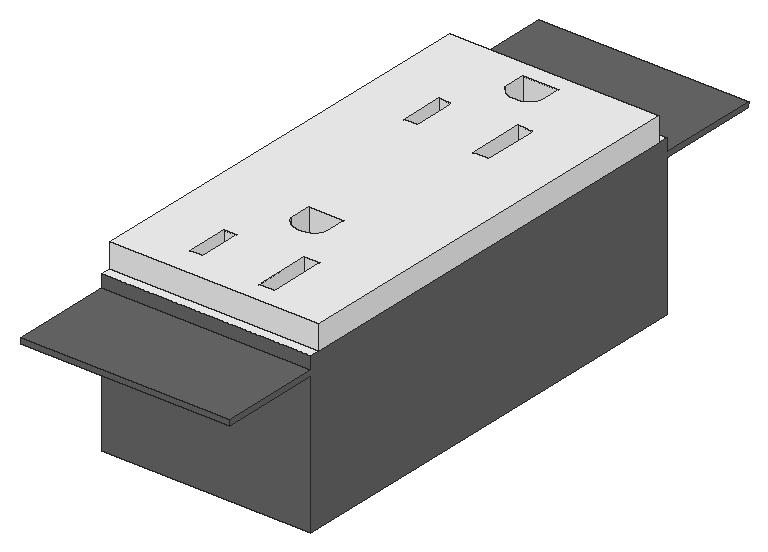
Revit family "Receptacle_Straight-Blade_Leviton_Decora-Duplex", category Electrical Fixtures, Revit 2026
Family settings
  Round Connector Dimension = Use Diameter
  Part Type = Normal
  Work Plane-Based = Yes
  Always vertical = No
  Cut with Voids When Loaded = No
  Maintain Annotation Orientation = No
  Shared = No
  Room Calculation Point = No
Parameters
  Warranty Duration (Years) = 0
  Voltage_MEP = 0 V
  Unit Width = 0' - 1 79/256"
  Unit Height = 0' - 4 15/256"
  Unit Depth = 0' - 0 225/256"
  URL = "http://www.leviton.com/OA_HTML/Home.jsp?minisite=10251&respid=22372"
  Termination = "as Specified"
  Standards Conformance = "as Specified"
  Specification = ""
  SpecWizard = ""
  Send Message = "http://www.arcat.com/users.pl?action=UserEmail&company=Leviton+Mfg.+Co.,+Inc.&coid=41690&rep=117&fax=631-812-6252&mf="
  Screw Mounts Location = 0' - 3 9/32"
  Sales Information = "http://www.leviton.com/OA_HTML/SectionDisplay.jsp?section=37579&minisite=10251"
  Revision = "R1_10-2012"
  Projection From Host = 0' - 0 67/256"
  Product Properties = ""
  Product Data = "http://arcat.com/arcatcos/cos41/arc41690.html?isac=1&r=1"
  Number of Poles = 1
  NEMA6-20Rvoidtop = if(NEMA 6_20R 1, 0' 0 1/2", 0' 0 1/16")  # 0' - 0 1/16"
  NEMA6-20Rvoidbot = if(NEMA 6_20R 2, 0' 0 1/2", 0' 0 1/16")  # 0' - 0 1/16"
  NEMA6-15Rvoidtop = if(NEMA 6_15R 1, 0' 0 1/2", 0' 0 1/16")  # 0' - 0 1/16"
  NEMA6-15Rvoidbot = if(NEMA 6_15R 2, 0' 0 1/2", 0' 0 1/16")  # 0' - 0 1/16"
  NEMA5-20Rvoidtop = if(NEMA 5_20R 1, 0' 0 1/2", 0' 0 1/16")  # 0' - 0 1/16"
  NEMA5-20Rvoidbot = if(NEMA 5_20R 2, 0' 0 1/2", 0' 0 1/16")  # 0' - 0 1/16"
  NEMA5-15Rvoidtop = if(NEMA 5_15R 1, 0' 0 1/2", 0' 0 1/16")  # 0' - 0 1/2"
  NEMA5-15Rvoidbot = if(NEMA 5_15R 2, 0' 0 1/2", 0' 0 1/16")  # 0' - 0 1/2"
  NEMA 6_20R 1 = no
  NEMA 6_20R 2 = no
  NEMA 6_15R 1 = no
  NEMA 6_15R 2 = no
  NEMA 5_20R 1 = no
  NEMA 5_20R 2 = no
  NEMA 5_15R 1 = yes
  NEMA 5_15R 2 = yes
  Model = "As Specified"
  Maximum Amperage = 0
  Manufacturer Website = "http://www.leviton.com/OA_HTML/Home.jsp?minisite=10251&respid=22372"
  Manufacturer Phone - Toll Free = "800-323-8920"
  Manufacturer Phone = ""
  Manufacturer Fax = "631-812-6252"
  Manufacturer Address = "201 N. Service Rd. Melville, NY 11747"
  Manufacturer = "Leviton Mfg. Co., Inc."
  Maintenance Schedule (Months) = 0
  MEP Apparent Power = 0 VA
  MEP Amperage = 0 A
  Backing Color = Thermoplastic - Leviton - Black
  Keynote = "16140"
  Installation-Fabrication = ""
  Installation Phase = "Electrical Wiring"
  HP Rating = "as Specified"
  Grounding = "as Specified"
  Green Building-LEED = ""
  Fixture Material = Thermoplastic - Leviton - White
  Fixture Grade = "as Specified"
  Fixture Application = "as Specified"
  Expected Lifespan (Years) = 0
  Drawn By = "Sumex Design, Inc. / Robert S. Weygant, CSI, CDT, SCIP"
  Description = "Leviton Product as Specified"
  Default Elevation = 4' - 0"
  Copyright = "©Arcat Inc."
  Construction Details = ""
  Fixture Height = 0' - 2 25/32"
  Assembly Code = "D5020100"
  Acceptable Loads = "as Specified"
Reference planes (in)
  plane 1 "Center (Front/Back)": y = 0
  plane 2 "Bottom": z = 0
  plane 3 "Center (Left/Right)": x = 0
  plane 4 "Front": y = -2.0293
  plane 5 "Back": y = 2.0293
  plane 6 "Left": x = -0.6543
  plane 7 "Right": x = 0.6543
  plane 8 "Top": z = 0.26172
  plane 9: z = -0.87891
  plane 10: z = 0.11172
  plane 11: y = 1.39062
  plane 12: y = -1.39063
  plane 13: z = -0.1875
  plane 14: z = 0.5
  plane 15: z = 0
  plane 16: z = 0.4375
  plane 17: z = 0.4375
  plane 18: z = 0.4375
  plane 19: z = 0.4375
  plane 20: z = 0
  plane 21: z = 0.4375
  plane 22: z = 0.4375
Forms (in)
  Extrusion 1, solid, material "Thermoplastic - Leviton - White" <- "Fixture Material"
    sketch origin (0, 0, 0) x (1, 0, 0) y (0, 1, 0)
      loop
        line (0.6543, 1.32812) -> (-0.6543, 1.32812) -> (-0.6543, -1.32813) -> (0.6543, -1.32813) -> (0.6543, 1.32812)
    from 0.11172 to 0.26172
  Extrusion 2, void
    sketch origin (0, 0, 0) x (1, 0, 0) y (0, 1, 0)
      loop
        line (0.17598, 0.82673) -> (0.17598, 0.47411) -> (0.27673, 0.47411) -> (0.27673, 0.82673) -> (0.17598, 0.82673)
      loop
        line (-0.29582, 0.79468) -> (-0.29582, 0.52489) -> (-0.21242, 0.52489) -> (-0.21242, 0.79468) -> (-0.29582, 0.79468)
      loop
        line (-0.11361, 1.22771) -> (-0.11361, 1.0878)
        arc (-0.11361, 1.0878) -> (-0.00298, 1.01582) -> (0.10765, 1.0878) r 0.12101
        line (0.10765, 1.0878) -> (0.10765, 1.22771) -> (-0.11361, 1.22771)
    from 0 to 0.5
  Extrusion 3, void
    sketch origin (0, 0, 0) x (1, 0, 0) y (0, 1, 0)
      loop
        line (-0.29582, 0.79468) -> (-0.29582, 0.52489) -> (-0.21242, 0.52489) -> (-0.21242, 0.79468) -> (-0.29582, 0.79468)
      loop
        line (-0.11361, 1.22771) -> (-0.11361, 1.0878)
        arc (-0.11361, 1.0878) -> (-0.00298, 1.01582) -> (0.10765, 1.0878) r 0.12101
        line (0.10765, 1.0878) -> (0.10765, 1.22771) -> (-0.11361, 1.22771)
      loop
        line (0.17598, 0.82673) -> (0.17598, 0.47411) -> (0.27673, 0.47411) -> (0.27673, 0.62135) -> (0.4666, 0.62135) -> (0.4666, 0.68335) -> (0.27673, 0.68335) -> (0.27673, 0.82673) -> (0.17598, 0.82673)
    from 0.4375 to 0.5
  Extrusion 4, void
    sketch origin (0, 0, 0) x (1, 0, 0) y (0, 1, 0)
      loop
        line (-0.11361, 1.22771) -> (-0.11361, 1.0878)
        arc (-0.11361, 1.0878) -> (-0.00298, 1.01582) -> (0.10765, 1.0878) r 0.12101
        line (0.10765, 1.0878) -> (0.10765, 1.22771) -> (-0.11361, 1.22771)
      loop
        line (0.4041, 0.68335) -> (0.24548, 0.68335) -> (0.24548, 0.80329) -> (0.17598, 0.80329) -> (0.17598, 0.49755) -> (0.24548, 0.49755) -> (0.24548, 0.62135) -> (0.4041, 0.62135) -> (0.4041, 0.68335)
      loop
        line (-0.38902, 0.61809) -> (-0.11922, 0.61809) -> (-0.11922, 0.70149) -> (-0.38902, 0.70149) -> (-0.38902, 0.61809)
    from 0.4375 to 0.5
  Extrusion 5, void
    sketch origin (0, 0.85727, 0) x (1, 0, 0) y (0, 1, 0)
      loop
        line (-0.11361, 0.37044) -> (-0.11361, 0.23052)
        arc (-0.11361, 0.23052) -> (-0.00298, 0.15855) -> (0.10765, 0.23052) r 0.12101
        line (0.10765, 0.23052) -> (0.10765, 0.37044) -> (-0.11361, 0.37044)
      loop
        line (-0.13485, -0.15579) -> (-0.40464, -0.15579) -> (-0.40464, -0.23918) -> (-0.13485, -0.23918) -> (-0.13485, -0.15579)
      loop
        line (0.13485, -0.15579) -> (0.13485, -0.23918) -> (0.40464, -0.23918) -> (0.40464, -0.15579) -> (0.13485, -0.15579)
    from 0.4375 to 0.5
  Extrusion 6, void
    sketch origin (0, 0, 0) x (1, 0, 0) y (0, 1, 0)
      loop
        line (-0.29582, -0.88445) -> (-0.29582, -1.15424) -> (-0.21242, -1.15424) -> (-0.21242, -0.88445) -> (-0.29582, -0.88445)
      loop
        line (-0.11361, -0.45142) -> (-0.11361, -0.59133)
        arc (-0.11361, -0.59133) -> (-0.00298, -0.66331) -> (0.10765, -0.59133) r 0.12101
        line (0.10765, -0.59133) -> (0.10765, -0.45142) -> (-0.11361, -0.45142)
      loop
        line (0.17598, -0.8524) -> (0.17598, -1.20502) -> (0.27673, -1.20502) -> (0.27673, -1.05777) -> (0.4666, -1.05777) -> (0.4666, -0.99578) -> (0.27673, -0.99578) -> (0.27673, -0.8524) -> (0.17598, -0.8524)
    from 0.4375 to 0.5
  Extrusion 7, void
    sketch origin (0, 0, 0) x (1, 0, 0) y (0, 1, 0)
      loop
        line (0.17598, -0.8524) -> (0.17598, -1.20502) -> (0.27673, -1.20502) -> (0.27673, -0.8524) -> (0.17598, -0.8524)
      loop
        line (-0.29582, -0.88445) -> (-0.29582, -1.15424) -> (-0.21242, -1.15424) -> (-0.21242, -0.88445) -> (-0.29582, -0.88445)
      loop
        line (-0.11361, -0.45142) -> (-0.11361, -0.59133)
        arc (-0.11361, -0.59133) -> (-0.00298, -0.66331) -> (0.10765, -0.59133) r 0.12101
        line (0.10765, -0.59133) -> (0.10765, -0.45142) -> (-0.11361, -0.45142)
    from 0 to 0.5
  Extrusion 8, void
    sketch origin (0, 0.85727, 0) x (1, 0, 0) y (0, 1, 0)
      loop
        line (-0.11361, -1.30869) -> (-0.11361, -1.4486)
        arc (-0.11361, -1.4486) -> (-0.00298, -1.52058) -> (0.10765, -1.4486) r 0.12101
        line (0.10765, -1.4486) -> (0.10765, -1.30869) -> (-0.11361, -1.30869)
      loop
        line (-0.13485, -1.83491) -> (-0.40464, -1.83491) -> (-0.40464, -1.91831) -> (-0.13485, -1.91831) -> (-0.13485, -1.83491)
      loop
        line (0.13485, -1.83491) -> (0.13485, -1.91831) -> (0.40464, -1.91831) -> (0.40464, -1.83491) -> (0.13485, -1.83491)
    from 0.4375 to 0.5
  Extrusion 9, void
    sketch origin (0, 0, 0) x (1, 0, 0) y (0, 1, 0)
      loop
        line (-0.11361, -0.45142) -> (-0.11361, -0.59133)
        arc (-0.11361, -0.59133) -> (-0.00298, -0.66331) -> (0.10765, -0.59133) r 0.12101
        line (0.10765, -0.59133) -> (0.10765, -0.45142) -> (-0.11361, -0.45142)
      loop
        line (0.4041, -0.99578) -> (0.24548, -0.99578) -> (0.24548, -0.87584) -> (0.17598, -0.87584) -> (0.17598, -1.18158) -> (0.24548, -1.18158) -> (0.24548, -1.05777) -> (0.4041, -1.05777) -> (0.4041, -0.99578)
      loop
        line (-0.38902, -1.06104) -> (-0.11922, -1.06104) -> (-0.11922, -0.97764) -> (-0.38902, -0.97764) -> (-0.38902, -1.06104)
    from 0.4375 to 0.5
  Extrusion 10, solid, material "Thermoplastic - Leviton - Black" <- "Backing Color"
    sketch origin (0, 0, 0) x (0, 1, 0) y (0, 0, 1)
      loop
        line (1.39062, 0.11172) -> (-1.39063, 0.11172) -> (-1.39063, 0.03125) -> (-2.0293, 0.03125) -> (-2.0293, 0) -> (-1.39063, 0) -> (-1.39063, -0.87891) -> (1.39062, -0.87891) -> (1.39062, 0) -> (2.0293, 0) -> (2.0293, 0.03125) -> (1.39062, 0.03125) -> (1.39062, 0.11172)
    from -0.6543 to 0.6543
Cuts and joins
  Extrusion 2, Extrusion 3, Extrusion 4, Extrusion 5, Extrusion 6, Extrusion 7, Extrusion 8, Extrusion 9 cuts Extrusion 1
Dimensions and locks (in)
  equal spacing: plane 6 "Left", plane 3 "Center (Left/Right)", plane 7 "Right"
  "Unit Width": plane 6 "Left" to plane 7 "Right"
  equal spacing: plane 5 "Back", plane 1 "Center (Front/Back)", plane 4 "Front"
  "Unit Height": plane 5 "Back" to plane 4 "Front"
  "Projection From Host": plane 8 "Top" to level
  "Unit Depth": level to plane 9
  equal spacing: plane 11, plane 1 "Center (Front/Back)", plane 12
  "Fixture Height": plane 11 to plane 12
  locked: plane 11 to Extrusion 1 sketch curve at 0.0625
  locked: Extrusion 1 sketch curve to plane 12 at 0.0625
  locked: plane 8 "Top" to plane 10 at 0.15
  locked: level to plane 13 at 0.1875
  locked: plane 14 to level at 0.5
  "NEMA5-15Rvoidtop": plane 14 to plane 15
  "NEMA5-20Rvoidtop": plane 14 to plane 16
  "NEMA6-20Rvoidtop": plane 14 to plane 17
  "NEMA6-15Rvoidtop": plane 14 to plane 18
  "NEMA5-20Rvoidbot": plane 14 to plane 19
  "NEMA5-15Rvoidbot": plane 14 to plane 20
  "NEMA6-15Rvoidbot": plane 14 to plane 21
  "NEMA6-20Rvoidbot": plane 14 to plane 22
  aligned and locked: Extrusion 1 sketch curve to plane 7 "Right"
  aligned and locked: plane 6 "Left" to Extrusion 1 sketch curve
  aligned and locked: plane 8 "Top" to Extrusion 1
  aligned and locked: plane 10 to Extrusion 1
  aligned and locked: Extrusion 2 to plane 15
  aligned and locked: plane 14 to Extrusion 2
  aligned and locked: Extrusion 3 to plane 16
  aligned and locked: plane 14 to Extrusion 3
  aligned and locked: Extrusion 4 to plane 17
  aligned and locked: plane 14 to Extrusion 4
  aligned and locked: Extrusion 5 to plane 18
  aligned and locked: plane 14 to Extrusion 5
  aligned and locked: Extrusion 6 to plane 19
  aligned and locked: plane 14 to Extrusion 6
  aligned and locked: Extrusion 7 to plane 20
  aligned and locked: plane 14 to Extrusion 7
  aligned and locked: Extrusion 8 to plane 21
  aligned and locked: plane 14 to Extrusion 8
  aligned and locked: Extrusion 9 to plane 22
  aligned and locked: plane 14 to Extrusion 9
  aligned and locked: Extrusion 10 sketch curve to plane 4 "Front"
  aligned and locked: plane 5 "Back" to Extrusion 10 sketch curve
  aligned and locked: Extrusion 10 sketch curve to plane 10
  aligned and locked: Extrusion 10 sketch curve to plane 9
  aligned and locked: Extrusion 10 to plane 6 "Left"
  aligned and locked: plane 7 "Right" to Extrusion 10
Automatic sketch dimensions
  Extrusion 2 sketch curve to plane 3 "Center (Left/Right)" = 0' - 0.29582"
  Extrusion 2 sketch curve to Extrusion 2 sketch curve = 0' - 0.0834"
  Extrusion 2 sketch curve to plane 3 "Center (Left/Right)" = 0' - 0.11361"
  Extrusion 2 sketch curve to plane 3 "Center (Left/Right)" = 0' - 0.00298"
  plane 3 "Center (Left/Right)" to Extrusion 2 sketch curve = 0' - 0.10765"
  plane 3 "Center (Left/Right)" to Extrusion 2 sketch curve = 0' - 0.17598"
  Extrusion 2 sketch curve to Extrusion 2 sketch curve = 0' - 0.10075"
  Extrusion 2 sketch curve to plane 1 "Center (Front/Back)" = 0' - 0.47411"
  Extrusion 2 sketch curve to Extrusion 2 sketch curve = 0' - 0 13/256"
  Extrusion 2 sketch curve to Extrusion 2 sketch curve = 0' - 0.26979"
  Extrusion 2 sketch curve to Extrusion 2 sketch curve = 0' - 0.35262"
  Extrusion 2 sketch curve to plane 11 = 0' - 0.30283"
  Extrusion 2 sketch curve to Extrusion 2 sketch curve = 0' - 0.04903"
  Extrusion 2 sketch curve to Extrusion 2 sketch curve = 0' - 0.13991"
  Extrusion 3 sketch curve to plane 3 "Center (Left/Right)" = 0' - 0.29582"
  Extrusion 3 sketch curve to Extrusion 3 sketch curve = 0' - 0.0834"
  Extrusion 3 sketch curve to plane 3 "Center (Left/Right)" = 0' - 0.11361"
  Extrusion 3 sketch curve to plane 3 "Center (Left/Right)" = 0' - 0.00298"
  plane 3 "Center (Left/Right)" to Extrusion 3 sketch curve = 0' - 0.10765"
  plane 3 "Center (Left/Right)" to Extrusion 3 sketch curve = 0' - 0.17598"
  Extrusion 3 sketch curve to Extrusion 3 sketch curve = 0' - 0.10075"  (x2)
  Extrusion 3 sketch curve to plane 7 "Right" = 0' - 0.1877"
  Extrusion 3 sketch curve to plane 1 "Center (Front/Back)" = 0' - 0.47411"
  Extrusion 3 sketch curve to Extrusion 3 sketch curve = 0' - 0 13/256"
  Extrusion 3 sketch curve to Extrusion 3 sketch curve = 0' - 0.14725"
  Extrusion 3 sketch curve to Extrusion 3 sketch curve = 0' - 0.062"
  Extrusion 3 sketch curve to Extrusion 3 sketch curve = 0' - 0.26979"
  Extrusion 3 sketch curve to Extrusion 3 sketch curve = 0' - 0.14337"
  Extrusion 3 sketch curve to plane 11 = 0' - 0.30283"
  Extrusion 3 sketch curve to Extrusion 3 sketch curve = 0' - 0.04903"
  Extrusion 3 sketch curve to Extrusion 3 sketch curve = 0' - 0.13991"
  plane 6 "Left" to Extrusion 4 sketch curve = 0' - 0.26528"
  Extrusion 4 sketch curve to plane 3 "Center (Left/Right)" = 0' - 0.11922"
  Extrusion 4 sketch curve to plane 3 "Center (Left/Right)" = 0' - 0.11361"
  Extrusion 4 sketch curve to plane 3 "Center (Left/Right)" = 0' - 0.00298"
  plane 3 "Center (Left/Right)" to Extrusion 4 sketch curve = 0' - 0.10765"
  plane 3 "Center (Left/Right)" to Extrusion 4 sketch curve = 0' - 0.17598"
  Extrusion 4 sketch curve to Extrusion 4 sketch curve = 0' - 0.0695"
  Extrusion 4 sketch curve to Extrusion 4 sketch curve = 0' - 0"
  Extrusion 4 sketch curve to Extrusion 4 sketch curve = 0' - 0.15862"
  Extrusion 4 sketch curve to plane 1 "Center (Front/Back)" = 0' - 0.49755"
  Extrusion 4 sketch curve to Extrusion 4 sketch curve = 0' - 0.12054"
  Extrusion 4 sketch curve to Extrusion 4 sketch curve = 0' - 0.12381"
  Extrusion 4 sketch curve to Extrusion 4 sketch curve = 0' - 0.062"
  Extrusion 4 sketch curve to Extrusion 4 sketch curve = 0' - 0.0834"
  Extrusion 4 sketch curve to Extrusion 4 sketch curve = 0' - 0.11993"
  Extrusion 4 sketch curve to plane 11 = 0' - 0.30283"
  Extrusion 4 sketch curve to Extrusion 4 sketch curve = 0' - 0.04903"
  Extrusion 4 sketch curve to Extrusion 4 sketch curve = 0' - 0.13991"
  plane 6 "Left" to Extrusion 5 sketch curve = 0' - 0.24965"
  Extrusion 5 sketch curve to plane 3 "Center (Left/Right)" = 0' - 0.13485"
  Extrusion 5 sketch curve to plane 3 "Center (Left/Right)" = 0' - 0.11361"
  Extrusion 5 sketch curve to plane 3 "Center (Left/Right)" = 0' - 0.00298"
  plane 3 "Center (Left/Right)" to Extrusion 5 sketch curve = 0' - 0.10765"
  plane 3 "Center (Left/Right)" to Extrusion 5 sketch curve = 0' - 0.13485"
  Extrusion 5 sketch curve to plane 7 "Right" = 0' - 0.24965"
  Extrusion 5 sketch curve to plane 1 "Center (Front/Back)" = 0' - 0.61809"
  Extrusion 5 sketch curve to Extrusion 5 sketch curve = 0' - 0"
  Extrusion 5 sketch curve to Extrusion 5 sketch curve = 0' - 0.0834"  (x2)
  Extrusion 5 sketch curve to plane 11 = 0' - 0.30283"
  Extrusion 5 sketch curve to Extrusion 5 sketch curve = 0' - 0.04903"
  Extrusion 5 sketch curve to Extrusion 5 sketch curve = 0' - 0.13991"
  Extrusion 6 sketch curve to plane 3 "Center (Left/Right)" = 0' - 0.29582"
  Extrusion 6 sketch curve to Extrusion 6 sketch curve = 0' - 0.0834"
  Extrusion 6 sketch curve to plane 3 "Center (Left/Right)" = 0' - 0.11361"
  Extrusion 6 sketch curve to plane 3 "Center (Left/Right)" = 0' - 0.00298"
  plane 3 "Center (Left/Right)" to Extrusion 6 sketch curve = 0' - 0.10765"
  plane 3 "Center (Left/Right)" to Extrusion 6 sketch curve = 0' - 0.17598"
  Extrusion 6 sketch curve to Extrusion 6 sketch curve = 0' - 0.10075"  (x2)
  Extrusion 6 sketch curve to plane 7 "Right" = 0' - 0.1877"
  plane 12 to Extrusion 6 sketch curve = 0' - 0.1856"
  plane 12 to Extrusion 6 sketch curve = 0' - 0.23639"
  Extrusion 6 sketch curve to Extrusion 6 sketch curve = 0' - 0.14725"
  Extrusion 6 sketch curve to Extrusion 6 sketch curve = 0' - 0.062"
  Extrusion 6 sketch curve to Extrusion 6 sketch curve = 0' - 0.26979"
  Extrusion 6 sketch curve to Extrusion 6 sketch curve = 0' - 0.14337"
  Extrusion 6 sketch curve to Extrusion 6 sketch curve = 0' - 0.29311"
  Extrusion 6 sketch curve to Extrusion 6 sketch curve = 0' - 0.04903"
  Extrusion 6 sketch curve to Extrusion 6 sketch curve = 0' - 0.13991"
  Extrusion 7 sketch curve to plane 3 "Center (Left/Right)" = 0' - 0.29582"
  Extrusion 7 sketch curve to Extrusion 7 sketch curve = 0' - 0.0834"
  Extrusion 7 sketch curve to plane 3 "Center (Left/Right)" = 0' - 0.11361"
  Extrusion 7 sketch curve to plane 3 "Center (Left/Right)" = 0' - 0.00298"
  plane 3 "Center (Left/Right)" to Extrusion 7 sketch curve = 0' - 0.10765"
  plane 3 "Center (Left/Right)" to Extrusion 7 sketch curve = 0' - 0.17598"
  Extrusion 7 sketch curve to Extrusion 7 sketch curve = 0' - 0.10075"
  plane 12 to Extrusion 7 sketch curve = 0' - 0.1856"
  plane 12 to Extrusion 7 sketch curve = 0' - 0.23639"
  Extrusion 7 sketch curve to Extrusion 7 sketch curve = 0' - 0.26979"
  Extrusion 7 sketch curve to Extrusion 7 sketch curve = 0' - 0.35262"
  Extrusion 7 sketch curve to Extrusion 7 sketch curve = 0' - 0.29311"
  Extrusion 7 sketch curve to Extrusion 7 sketch curve = 0' - 0.04903"
  Extrusion 7 sketch curve to Extrusion 7 sketch curve = 0' - 0.13991"
  plane 6 "Left" to Extrusion 8 sketch curve = 0' - 0.24965"
  Extrusion 8 sketch curve to plane 3 "Center (Left/Right)" = 0' - 0.13485"
  Extrusion 8 sketch curve to plane 3 "Center (Left/Right)" = 0' - 0.11361"
  Extrusion 8 sketch curve to plane 3 "Center (Left/Right)" = 0' - 0.00298"
  plane 3 "Center (Left/Right)" to Extrusion 8 sketch curve = 0' - 0.10765"
  plane 3 "Center (Left/Right)" to Extrusion 8 sketch curve = 0' - 0.13485"
  Extrusion 8 sketch curve to plane 7 "Right" = 0' - 0.24965"
  plane 12 to Extrusion 8 sketch curve = 0' - 0.32958"
  Extrusion 8 sketch curve to Extrusion 8 sketch curve = 0' - 0"
  Extrusion 8 sketch curve to Extrusion 8 sketch curve = 0' - 0.0834"  (x2)
  Extrusion 8 sketch curve to Extrusion 8 sketch curve = 0' - 0.38631"
  Extrusion 8 sketch curve to Extrusion 8 sketch curve = 0' - 0.04903"
  Extrusion 8 sketch curve to Extrusion 8 sketch curve = 0' - 0.13991"
  Extrusion 9 sketch curve to plane 7 "Right" = 0' - 1.04331"
  Extrusion 9 sketch curve to Extrusion 9 sketch curve = 0' - 0.26979"
  Extrusion 9 sketch curve to Extrusion 9 sketch curve = 0' - 0.00562"
  Extrusion 9 sketch curve to Extrusion 9 sketch curve = 0' - 0.11063"  (x2)
  Extrusion 9 sketch curve to Extrusion 9 sketch curve = 0' - 0.2952"
  Extrusion 9 sketch curve to Extrusion 9 sketch curve = 0' - 0.0695"  (x2)
  Extrusion 9 sketch curve to Extrusion 9 sketch curve = 0' - 0.15862"
  plane 12 to Extrusion 9 sketch curve = 0' - 0.20904"
  plane 12 to Extrusion 9 sketch curve = 0' - 0.32958"
  Extrusion 9 sketch curve to Extrusion 9 sketch curve = 0' - 0.12381"
  Extrusion 9 sketch curve to Extrusion 9 sketch curve = 0' - 0.062"
  Extrusion 9 sketch curve to Extrusion 9 sketch curve = 0' - 0.0834"
  Extrusion 9 sketch curve to Extrusion 9 sketch curve = 0' - 0.11993"
  Extrusion 9 sketch curve to Extrusion 9 sketch curve = 0' - 0.28451"
  Extrusion 9 sketch curve to Extrusion 9 sketch curve = 0' - 0.04903"
  Extrusion 9 sketch curve to Extrusion 9 sketch curve = 0' - 0.13991"
  Extrusion 10 sketch curve to plane 12 = 0' - 0"  (x2)
  Extrusion 10 sketch curve to plane 11 = 0' - 0"  (x2)
  Extrusion 10 sketch curve to level = 0' - 0"  (x2)
  Extrusion 10 sketch curve to Extrusion 10 sketch curve = 0' - 0 1/32"  (x2)
Connectors (in)
  electrical at (0, 0, 0)
    settings: index 1, voltage 0 V, apparent load 0 VA, apparent load phase1 0 VA, apparent load phase2 0 VA, apparent load phase3 0 VA, power factor 1, load classification "Other", number of poles 1, system type 31, power factor state 1, is connector primary yes, connector utility no, sub classification motor no, connector description ""
